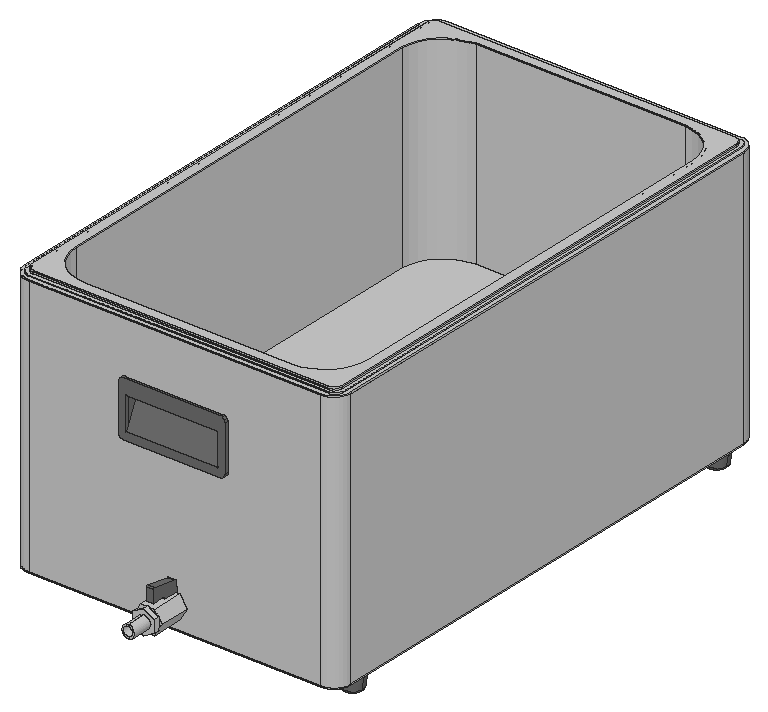
Revit family "Cuba_28_SmartVide_GENERADO", category Equipos especializados, Revit 2014
Parameters
  Width = 0 mm
  URL Cutsheet = ""
  URL = ""
  Show Logo [instance] = yes
  Show Clearances [instance] = yes
  Revision Code = ""
  Model = ""
  Height = 0 mm
  Foodservice Equipment Identifier = yes
  Manufacturer = ""
  Description = ""
  Depth = 0 mm
  Type Comments = ""
Types (2, lengths in mm): name | Width | URL Cutsheet | URL | Revision Code | Model | Height | Manufacturer | Description | Depth | Type Comments
  (no name) | 0 | "" | "" | "" | "" | 0 | "" | "" | 0 | ""
  Insulated tank (1/1 de 200mm) 28 l./7.4 gal. | 335 | "http://www.sammic.com/dl/436703/ea5b9/ps-en-1180060-isolated-tank-for-portable-sous-vide-cooker.pdf" | "https://www.sammic.com/model/1180060" | "1" | "1180060" | 288 | "SAMMIC S.L." | "Insulated tank (1/1 de 200mm) 28 l./7.4 gal." | 600 | "Specially designed for SmartVide"
Reference planes
  plane 1 "Centro (Frontal/Posterior)": y = 0
  plane 2: z = 0
  plane 3 "Centro (Izquierda/Derecha)": x = 0
  plane 4: y = -602
  plane 5: x = 335
Forms (mm)
  Extrusion 1, solid
    sketch origin (0, -3, 14.5) x (1, 0, 0) y (0, 1, 0)
      loop
        line (0, -17.3) -> (0, -522.7)
        arc (0, -522.7) -> (5.067, -534.933) -> (17.3, -540) r 17.3
        line (17.3, -540) -> (317.687, -540)
        arc (317.687, -540) -> (329.929, -534.929) -> (335, -522.687) r 17.313
        line (335, -522.687) -> (335, -17.3)
        arc (335, -17.3) -> (329.933, -5.067) -> (317.7, 0) r 17.3
        line (317.7, 0) -> (17.3, 0)
        arc (17.3, 0) -> (5.067, -5.067) -> (0, -17.3) r 17.3
      loop
        line (16.5, -17) -> (16.5, -523) -> (318.5, -523) -> (318.5, -17) -> (16.5, -17)
    from 269 to 270
  Extrusion 2, solid
    sketch origin (0, -3, -254.5) x (1, 0, 0) y (0, 1, 0)
      loop
        line (0, -17.3) -> (0, -522.7)
        arc (0, -522.7) -> (5.067, -534.933) -> (17.3, -540) r 17.3
        line (17.3, -540) -> (317.687, -540)
        arc (317.687, -540) -> (329.929, -534.929) -> (335, -522.687) r 17.313
        line (335, -522.687) -> (335, -17.3)
        arc (335, -17.3) -> (329.933, -5.067) -> (317.7, 0) r 17.3
        line (317.7, 0) -> (17.3, 0)
        arc (17.3, 0) -> (5.067, -5.067) -> (0, -17.3) r 17.3
      loop
        line (18.5, -18.5) -> (18.5, -521.5) -> (316.5, -521.5) -> (316.5, -18.5) -> (18.5, -18.5)
    from 269 to 270
  Extrusion 3, solid
    sketch origin (0, -3, 14.5) x (1, 0, 0) y (0, 1, 0)
      loop
        line (0, -17.3) -> (0, -522.7)
        arc (0, -522.7) -> (5.067, -534.933) -> (17.3, -540) r 17.3
        line (17.3, -540) -> (317.687, -540)
        arc (317.687, -540) -> (329.929, -534.929) -> (335, -522.687) r 17.313
        line (335, -522.687) -> (335, -17.3)
        arc (335, -17.3) -> (329.933, -5.067) -> (317.7, 0) r 17.3
        line (317.7, 0) -> (17.3, 0)
        arc (17.3, 0) -> (5.067, -5.067) -> (0, -17.3) r 17.3
      loop
        arc (17.3, -1) -> (5.774, -5.774) -> (1, -17.3) r 16.3
        line (1, -17.3) -> (1, -522.7)
        arc (1, -522.7) -> (5.774, -534.226) -> (17.3, -539) r 16.3
        line (17.3, -539) -> (317.687, -539)
        arc (317.687, -539) -> (329.222, -534.222) -> (334, -522.687) r 16.313
        line (334, -522.687) -> (334, -17.3)
        arc (334, -17.3) -> (329.226, -5.774) -> (317.7, -1) r 16.3
        line (317.7, -1) -> (17.3, -1)
    from 1 to 269
  Extrusion 4, void
    sketch origin (0, -3, 14.5) x (1, 0, 0) y (0, 0, 1)
      loop
        line (116, 163) -> (219, 163) -> (219, 212) -> (116, 212) -> (116, 163)
    from 0 to 1
  Extrusion 5, void
    sketch origin (0, -542, 14.5) x (1, 0, 0) y (0, 0, 1)
      loop
        line (116, 163) -> (219, 163) -> (219, 212) -> (116, 212) -> (116, 163)
    from 0 to 1
  Extrusion 6, void
    sketch origin (0, -3, 14.5) x (1, 0, 0) y (0, 0, 1)
      loop
        circle (167.5, 24) r 11
    from 539 to 540
Cuts and joins
  Extrusion 4, Extrusion 5, Extrusion 6 cuts Extrusion 3
Lines and regions (mm)
  symbolic lines, style "200-EquipBorder-2D"
    curve 1: arc (0, -20.3, 0) -> (5.067, -8.067, 0) -> (17.3, -3, 0) r 17.3
    curve 2: line (17.3, -3, 0) -> (112.607, -3, 0)
    curve 3: line (112.607, -3, 0) -> (112.607, 0, 0)
    curve 4: line (112.607, 0, 0) -> (222.407, 0, 0)
    curve 5: line (222.407, 0, 0) -> (222.407, -3, 0)
    curve 6: line (222.407, -3, 0) -> (317.7, -3, 0)
    curve 7: arc (317.7, -3, 0) -> (329.933, -8.067, 0) -> (335, -20.3, 0) r 17.3
    curve 8: line (335, -20.3, 0) -> (335, -525.687, 0)
    curve 9: arc (335, -525.687, 0) -> (329.929, -537.929, 0) -> (317.687, -543, 0) r 17.313
    curve 10: line (317.687, -543, 0) -> (222.393, -543, 0)
    curve 11: line (222.393, -543, 0) -> (222.393, -546, 0)
    curve 12: line (222.393, -546, 0) -> (181.35, -546, 0)
    curve 13: line (181.35, -546, 0) -> (181.35, -577, 0)
    curve 14: line (181.35, -577, 0) -> (178.493, -577, 0)
    curve 15: line (178.493, -577, 0) -> (178.493, -582, 0)
    curve 16: line (178.493, -582, 0) -> (173.994, -582, 0)
    curve 17: line (173.994, -582, 0) -> (173.994, -602, 0)
    curve 18: line (173.994, -602, 0) -> (160.993, -602, 0)
    curve 19: line (160.993, -602, 0) -> (160.993, -582, 0)
    curve 20: line (160.993, -582, 0) -> (156.493, -582, 0)
    curve 21: line (156.493, -582, 0) -> (156.493, -577, 0)
    curve 22: line (156.493, -577, 0) -> (153.637, -577, 0)
    curve 23: line (153.637, -577, 0) -> (153.637, -546, 0)
    curve 24: line (153.637, -546, 0) -> (112.593, -546, 0)
    curve 25: line (112.593, -546, 0) -> (112.593, -543, 0)
    curve 26: line (112.593, -543, 0) -> (17.3, -543, 0)
    curve 27: arc (17.3, -543, 0) -> (5.067, -537.933, 0) -> (0, -525.7, 0) r 17.3
    curve 28: line (0, -525.7, 0) -> (0, -20.3, 0)
Dimensions and locks
  aligned and locked: level to plane 2
Nested families
  nested 1: "Base_Cuba-28" at (0, -3, 14.5), type "Base_Cuba-28"
    with Show Logo yes, Show Clearances yes
  nested 2: "Cuba_Cuba-28" at (0, -3, 14.5), type "Cuba_Cuba-28"
    with Show Logo yes, Show Clearances yes
  nested 3: "Maneta_Cuba" at (167.494, -546, 202), type "Maneta_Cuba"
    with Show Logo yes, Show Clearances yes
  nested 4: "Pies_de_Goma" at (12.5, -38.744, 0), type "Pies_de_Goma"
    with Show Logo yes, Show Clearances yes
  nested 5: "Salida_Agua" at (167.493, -532, 38.5), type "Salida_Agua"
    with Show Logo yes, Show Clearances yes
  nested 6: "Maneta_Cuba" at (167.507, 0, 202) x (-1, 0, 0) z (0, 0, 1), type "Maneta_Cuba"
    with Show Logo yes, Show Clearances yes
  nested 7: "Pies_de_Goma" at (12.5, -507.244, 0), type "Pies_de_Goma"
    with Show Logo yes, Show Clearances yes
  nested 8: "Pies_de_Goma" at (322.5, -507.244, 0), type "Pies_de_Goma"
    with Show Logo yes, Show Clearances yes
  nested 9: "Pies_de_Goma" at (322.5, -38.744, 0), type "Pies_de_Goma"
    with Show Logo yes, Show Clearances yes
Connectors
  piping at (167.493, -602, 38.5), diameter 13
    settings: on nested 5, index 1, connector inside diameter 609.6 mm, connector length 0 mm, flow factor 0, pipe flow 0.0 L/s, pressure drop 0.0 Pa, fitting loss kfactor 0, connector angle 0.00°, fixture units 0, engagement length 0 mm, angle of deflection 0.00°, flow configuration 1, flow direction 2, fitting loss method 0, system type 16, joint type 0, gender type 0, connector reference index -1, connector utility 0, adjustable connector no, is connector primary yes, connector description "Conexion agua"
Definition of nested family "Base_Cuba-28"
  Parameters (values of type "Base_Cuba-28")
    Show Logo [instance] = yes
    Show Clearances [instance] = yes
  Reference planes
    plane 1 "Centro (Frontal/Posterior)": y = 0
    plane 2: z = 0
    plane 3 "Centro (Izquierda/Derecha)": x = 0
  Forms (mm)
    Extrusion 1, solid
      sketch origin (0, 0, 0) x (1, 0, 0) y (0, 1, 0)
        loop
          arc (23, -2.993) -> (8.858, -8.851) -> (3, -22.993) r 20
          line (3, -22.993) -> (3, -516.994)
          arc (3, -516.994) -> (8.858, -531.136) -> (23, -536.994) r 20
          line (23, -536.994) -> (312, -536.994)
          arc (312, -536.994) -> (326.142, -531.136) -> (332, -516.994) r 20
          line (332, -516.994) -> (332, -22.993)
          arc (332, -22.993) -> (326.142, -8.851) -> (312, -2.994) r 20
          line (312, -2.994) -> (23, -2.993)
        loop
          arc (11.5, -31.743) -> (7.5, -35.743) -> (11.5, -39.743) r 4
          line (11.5, -39.743) -> (13.5, -39.743)
          arc (13.5, -39.743) -> (17.5, -35.743) -> (13.5, -31.743) r 4
          line (13.5, -31.743) -> (11.5, -31.743)
        loop
          arc (321.5, -31.743) -> (317.5, -35.743) -> (321.5, -39.743) r 4
          line (321.5, -39.743) -> (323.5, -39.743)
          arc (323.5, -39.743) -> (327.5, -35.743) -> (323.5, -31.743) r 4
          line (323.5, -31.743) -> (321.5, -31.743)
        loop
          arc (321.5, -500.243) -> (317.5, -504.244) -> (321.5, -508.244) r 4
          line (321.5, -508.244) -> (323.5, -508.244)
          arc (323.5, -508.244) -> (327.5, -504.244) -> (323.5, -500.243) r 4
          line (323.5, -500.243) -> (321.5, -500.243)
        loop
          arc (11.5, -500.243) -> (7.5, -504.244) -> (11.5, -508.244) r 4
          line (11.5, -508.244) -> (13.5, -508.244)
          arc (13.5, -508.244) -> (17.5, -504.244) -> (13.5, -500.244) r 4
          line (13.5, -500.244) -> (11.5, -500.243)
      from 0 to -1
  Dimensions and locks
    aligned and locked: level to plane 2
Definition of nested family "Cuba_Cuba-28"
  Parameters (values of type "Cuba_Cuba-28")
    Show Logo [instance] = yes
    Show Clearances [instance] = yes
  Reference planes
    plane 1 "Centro (Frontal/Posterior)": y = 0
    plane 2: z = 0
    plane 3 "Centro (Izquierda/Derecha)": x = 0
  Forms (mm)
    Extrusion 1, solid
      sketch origin (0, 0, 2.8) x (1, 0, 0) y (0, 1, 0)
        loop
          arc (8.277, -523.723) -> (10.621, -529.379) -> (16.277, -531.723) r 8
          line (16.277, -531.723) -> (318.723, -531.723)
          arc (318.723, -531.723) -> (324.379, -529.379) -> (326.723, -523.723) r 8
          line (326.723, -523.723) -> (326.723, -16.277)
          arc (326.723, -16.277) -> (324.379, -10.621) -> (318.723, -8.277) r 8
          line (318.723, -8.277) -> (16.277, -8.277)
          arc (16.277, -8.277) -> (10.621, -10.621) -> (8.277, -16.277) r 8
          line (8.277, -16.277) -> (8.277, -523.723)
        loop
          arc (18, -479.5) -> (30.302, -509.198) -> (60, -521.5) r 42
          line (60, -521.5) -> (275, -521.5)
          arc (275, -521.5) -> (304.698, -509.198) -> (317, -479.5) r 42
          line (317, -479.5) -> (317, -60.5)
          arc (317, -60.5) -> (304.698, -30.802) -> (275, -18.5) r 42
          line (275, -18.5) -> (60, -18.5)
          arc (60, -18.5) -> (30.302, -30.802) -> (18, -60.5) r 42
          line (18, -60.5) -> (18, -479.5)
      from 270 to 271
    Extrusion 2, solid
      sketch origin (0, 0, 0) x (1, 0, 0) y (0, 1, 0)
        loop
          line (16.5, -60.5) -> (16.5, -479.5)
          arc (16.5, -479.5) -> (29.241, -510.259) -> (60, -523) r 43.5
          line (60, -523) -> (275, -523)
          arc (275, -523) -> (305.759, -510.259) -> (318.5, -479.5) r 43.5
          line (318.5, -479.5) -> (318.5, -60.5)
          arc (318.5, -60.5) -> (305.759, -29.741) -> (275, -17) r 43.5
          line (275, -17) -> (60, -17)
          arc (60, -17) -> (29.241, -29.741) -> (16.5, -60.5) r 43.5
        loop
          arc (60, -18.5) -> (30.302, -30.802) -> (18, -60.5) r 42
          line (18, -60.5) -> (18, -479.5)
          arc (18, -479.5) -> (30.302, -509.198) -> (60, -521.5) r 42
          line (60, -521.5) -> (275, -521.5)
          arc (275, -521.5) -> (304.698, -509.198) -> (317, -479.5) r 42
          line (317, -479.5) -> (317, -60.5)
          arc (317, -60.5) -> (304.698, -30.802) -> (275, -18.5) r 42
          line (275, -18.5) -> (60, -18.5)
      from 70.2 to 272.8
    Extrusion 3, solid
      sketch origin (0, 0, 0) x (1, 0, 0) y (0, 1, 0)
        loop
          arc (13, -5) -> (7.343, -7.343) -> (5, -13) r 8
          line (5, -13) -> (5, -527)
          arc (5, -527) -> (7.343, -532.657) -> (13, -535) r 8
          line (13, -535) -> (322, -535)
          arc (322, -535) -> (327.657, -532.657) -> (330, -527) r 8
          line (330, -527) -> (330, -13)
          arc (330, -13) -> (327.657, -7.343) -> (322, -5) r 8
          line (322, -5) -> (13, -5)
        loop
          arc (9.277, -523.723) -> (11.328, -528.672) -> (16.277, -530.723) r 7
          line (16.277, -530.723) -> (318.723, -530.723)
          arc (318.723, -530.723) -> (323.672, -528.672) -> (325.723, -523.723) r 7
          line (325.723, -523.723) -> (325.723, -16.277)
          arc (325.723, -16.277) -> (323.672, -11.328) -> (318.723, -9.277) r 7
          line (318.723, -9.277) -> (16.277, -9.277)
          arc (16.277, -9.277) -> (11.328, -11.328) -> (9.277, -16.277) r 7
          line (9.277, -16.277) -> (9.277, -523.723)
      from 270 to 271
    Extrusion 4, solid
      sketch origin (0, 0, 0) x (1, 0, 0) y (0, 1, 0)
        loop
          line (9.277, -16.277) -> (9.277, -523.723)
          arc (9.277, -523.723) -> (11.328, -528.672) -> (16.277, -530.723) r 7
          line (16.277, -530.723) -> (318.723, -530.723)
          arc (318.723, -530.723) -> (323.672, -528.672) -> (325.723, -523.723) r 7
          line (325.723, -523.723) -> (325.723, -16.277)
          arc (325.723, -16.277) -> (323.672, -11.328) -> (318.723, -9.277) r 7
          line (318.723, -9.277) -> (16.277, -9.277)
          arc (16.277, -9.277) -> (11.328, -11.328) -> (9.277, -16.277) r 7
        loop
          line (8.277, -16.277) -> (8.277, -523.723)
          arc (8.277, -523.723) -> (10.621, -529.379) -> (16.277, -531.723) r 8
          line (16.277, -531.723) -> (318.723, -531.723)
          arc (318.723, -531.723) -> (324.379, -529.379) -> (326.723, -523.723) r 8
          line (326.723, -523.723) -> (326.723, -16.277)
          arc (326.723, -16.277) -> (324.379, -10.621) -> (318.723, -8.277) r 8
          line (318.723, -8.277) -> (16.277, -8.277)
          arc (16.277, -8.277) -> (10.621, -10.621) -> (8.277, -16.277) r 8
      from 271 to 272.8
    Extrusion 5, solid
      sketch origin (0, 0, 0) x (1, 0, 0) y (0, 1, 0)
        loop
          arc (60, -17) -> (29.241, -29.741) -> (16.5, -60.5) r 43.5
          line (16.5, -60.5) -> (16.5, -479.5)
          arc (16.5, -479.5) -> (29.241, -510.259) -> (60, -523) r 43.5
          line (60, -523) -> (275, -523)
          arc (275, -523) -> (305.759, -510.259) -> (318.5, -479.5) r 43.5
          line (318.5, -479.5) -> (318.5, -60.5)
          arc (318.5, -60.5) -> (305.759, -29.741) -> (275, -17) r 43.5
          line (275, -17) -> (60, -17)
        loop
          circle (167.5, -270) r 11
      from 69.2 to 70.2
  Dimensions and locks
    aligned and locked: level to plane 2
Definition of nested family "Maneta_Cuba"
  Parameters (values of type "Maneta_Cuba")
    Show Logo [instance] = yes
    Show Clearances [instance] = yes
  Reference planes
    plane 1 "Centro (Frontal/Posterior)": y = 0
    plane 2: z = 0
    plane 3 "Centro (Izquierda/Derecha)": x = 0
  Forms (mm)
    Extrusion 1, solid
      sketch origin (0, 3, 0) x (1, 0, 0) y (0, 0, 1)
        loop
          arc (-49.9, 28.4) -> (-53.436, 26.936) -> (-54.9, 23.4) r 5
          line (-54.9, 23.4) -> (-54.9, -23.4)
          arc (-54.9, -23.4) -> (-53.436, -26.936) -> (-49.9, -28.4) r 5
          line (-49.9, -28.4) -> (49.9, -28.4)
          arc (49.9, -28.4) -> (53.436, -26.936) -> (54.9, -23.4) r 5
          line (54.9, -23.4) -> (54.9, 23.4)
          arc (54.9, 23.4) -> (53.436, 26.936) -> (49.9, 28.4) r 5
          line (49.9, 28.4) -> (-49.9, 28.4)
        loop
          line (-47.4, 13.4) -> (-47.4, -20.417) -> (47.4, -20.417) -> (47.4, 13.4) -> (-47.4, 13.4)
      from 0 to 3
    Extrusion 2, solid
      sketch origin (0, 3, 0) x (0, 1, 0) y (0, 0, 1)
        loop
          arc (6.133, 21.485) -> (9.544, 22.794) -> (12.799, 21.136) r 4.491
          line (12.799, 21.136) -> (12.799, 16.717)
          arc (12.799, 16.717) -> (12.47, 13.699) -> (11.498, 10.823) r 14
          line (11.498, 10.823) -> (-3, -20.417) -> (-0.354, -20.417) -> (13.899, 10.296)
          arc (13.899, 10.296) -> (14.871, 13.172) -> (15.2, 16.189) r 14
          line (15.2, 16.189) -> (15.2, 21.373)
          arc (15.2, 21.373) -> (14.199, 24.375) -> (11.596, 26.174) r 5
          arc (11.596, 26.174) -> (6.292, 25.924) -> (2.256, 22.475) r 8.191
          line (2.256, 22.475) -> (0, 22.475) -> (-1.951, 13.4) -> (6.133, 21.485)
      from -47.4 to 47.4
    Extrusion 3, solid
      sketch origin (0, 3, 0) x (0, 1, 0) y (0, 0, 1)
        loop
          line (2.256, 22.475) -> (0, 22.475) -> (0, -19.654) -> (13.899, 10.296)
          arc (13.899, 10.296) -> (14.871, 13.172) -> (15.2, 16.189) r 14
          line (15.2, 16.189) -> (15.2, 21.373)
          arc (15.2, 21.373) -> (14.199, 24.375) -> (11.596, 26.174) r 5
          arc (11.596, 26.174) -> (6.292, 25.924) -> (2.256, 22.475) r 8.191
      from -51.5 to -47.4
    Extrusion 4, solid
      sketch origin (98.9, 3, 0) x (0, 1, 0) y (0, 0, 1)
        loop
          line (2.256, 22.475) -> (0, 22.475) -> (0, -19.654) -> (13.899, 10.296)
          arc (13.899, 10.296) -> (14.871, 13.172) -> (15.2, 16.189) r 14
          line (15.2, 16.189) -> (15.2, 21.373)
          arc (15.2, 21.373) -> (14.199, 24.375) -> (11.596, 26.174) r 5
          arc (11.596, 26.174) -> (6.292, 25.924) -> (2.256, 22.475) r 8.191
      from -51.5 to -47.4
  Dimensions and locks
    aligned and locked: level to plane 2
Definition of nested family "Pies_de_Goma"
  Parameters (values of type "Pies_de_Goma")
    Show Logo [instance] = yes
    Show Clearances [instance] = yes
  Reference planes
    plane 1 "Centro (Frontal/Posterior)": y = 0
    plane 2: z = 0
    plane 3 "Centro (Izquierda/Derecha)": x = 0
  Forms (mm)
    Revolve 1, solid
      sketch origin (0, 0, 0) x (1, 0, 0) y (0, 0, 1)
        loop
          line (0, 13.5) -> (-11.5, 13.5) -> (-10.185, 1.777)
          arc (-10.185, 1.777) -> (-9.531, 0.509) -> (-8.198, 0) r 2
          line (-8.198, 0) -> (0, 0) -> (0, 13.5)
        axis (0, 13.5) -> (0, 0)
      angle from 0 to 360
  Dimensions and locks
    aligned and locked: level to plane 2
Definition of nested family "Salida_Agua"
  Parameters (values of type "Salida_Agua")
    Show Logo [instance] = yes
    Show Clearances [instance] = yes
  Reference planes
    plane 1 "Centro (Frontal/Posterior)": y = 0
    plane 2: z = 0
    plane 3 "Centro (Izquierda/Derecha)": x = 0
    plane 4: z = 5
  Forms (mm)
    Extrusion 1, solid
      sketch origin (0, 0, 0) x (1, 0, 0) y (0, 0, 1)
        loop
          line (-13.856, 0) -> (-6.928, -12) -> (6.928, -12) -> (13.856, 0) -> (6.928, 12) -> (-6.928, 12) -> (-13.856, 0)
        loop
          circle (0, 0) r 4.5
      from 12 to 45
    Extrusion 2, solid
      sketch origin (0, 0, 0) x (1, 0, 0) y (0, 0, 1)
        loop
          line (-11, -6.351) -> (0, -12.702) -> (11, -6.351) -> (11, 6.351) -> (0, 12.702) -> (-11, 6.351) -> (-11, -6.351)
        loop
          circle (0, 0) r 5
      from 45 to 50
    Revolve 3, solid
      sketch origin (0, 0, 0) x (0, 1, 0) y (0, 0, 1)
        loop
          line (-50, 5) -> (-50, 6.5) -> (-70, 6.5) -> (-70, 5) -> (-50, 5)
        axis (-50, 0) -> (-70, 0)
      angle from 0 to 360
    Revolve 4, solid
      sketch origin (0, 0, 0) x (0, 1, 0) y (0, 0, 1)
        loop
          line (-12, 10.5) -> (-12, 7.5) -> (0, 7.5) -> (0, 9.5) -> (-1, 10.5) -> (-12, 10.5)
        axis (0, 0) -> (-12, 0)
      angle from 0 to 360
    Extrusion 5, solid
      sketch origin (0, 0, 0) x (0, 1, 0) y (0, 0, 1)
        loop
          arc (-13.882, 23.791) -> (-14.163, 24.336) -> (-14.71, 24.614) r 1
          line (-14.71, 24.614) -> (-40.841, 28.814)
          arc (-40.841, 28.814) -> (-41.649, 28.588) -> (-42, 27.826) r 1
          line (-42, 27.826) -> (-42, 15) -> (-27, 15) -> (-27, 12.5) -> (-12, 12.5) -> (-13.882, 23.791)
      from -3.5 to 3.5
  Dimensions and locks
    aligned and locked: level to plane 2
